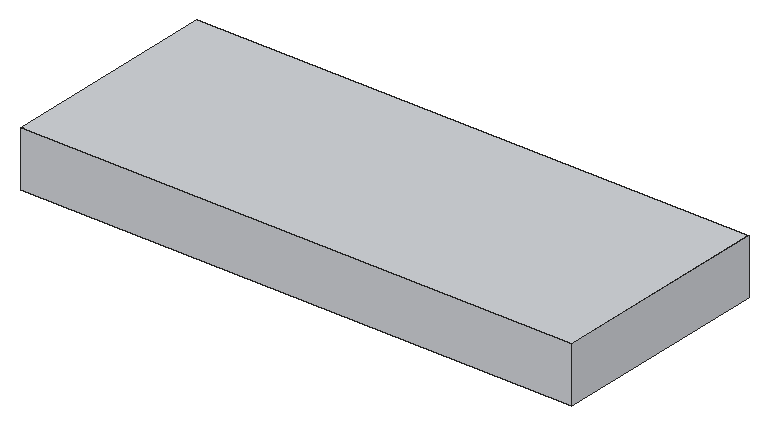
Revit family "電線管用ファミリ(片側のみ)_32", category Electrical Fixtures, Revit 2021
Family settings
  Maintain Annotation Orientation = No
  Round Connector Dimension = Use Diameter
  Part Type = Normal
  OmniClass Number = 23.80.00.00
  OmniClass Title = Electric Power and Lighting
  Work Plane-Based = No
  Always vertical = Yes
  Cut with Voids When Loaded = No
  Shared = No
  Room Calculation Point = No
Parameters
  コネクタ直径 [instance] = 16 mm
  W [instance] = 500 mm
  Default Elevation = 0 mm
  D [instance] = 200 mm
Reference planes
  plane 1 "Center (Front/Back)": y = 0
  plane 2: z = 0
  plane 3 "Center (Left/Right)": x = 0
  plane 4: x = -250
  plane 5: x = 250
  plane 6: y = 100
  plane 7: y = -100
  plane 8: z = 50
Forms (mm)
  Extrusion 1, solid
    sketch origin (0, 0, 0) x (1, 0, 0) y (0, 1, 0)
      loop
        line (-250, 100) -> (-250, -100) -> (250, -100) -> (250, 100) -> (-250, 100)
    from 0 to 50
  Extrusion 2, solid
    sketch origin (0, 0, 0) x (1, 0, 0) y (0, 1, 0)
      loop
        line (250, 100) -> (-250, -100) -> (250, -100) -> (250, 100)
    from 0 to 50
Dimensions and locks
  equal spacing: plane 4, plane 3 "Center (Left/Right)", plane 5
  "W": plane 4 to plane 5
  equal spacing: plane 6, plane 1 "Center (Front/Back)", plane 7
  "D": plane 6 to plane 7
  aligned and locked: level to plane 2
  aligned and locked: plane 8 to Extrusion 1
  aligned and locked: Extrusion 1 to plane 4
  aligned and locked: plane 6 to Extrusion 1
  aligned and locked: plane 5 to Extrusion 1
  aligned and locked: Extrusion 1 to plane 7
  aligned and locked: Extrusion 2 to plane 7
  aligned and locked: plane 5 to Extrusion 2
Automatic sketch dimensions
  Extrusion 1 sketch curve to plane 4 = 0 mm
  Extrusion 1 sketch curve to plane 5 = 0 mm
  Extrusion 1 sketch curve to plane 7 = 0 mm
  plane 6 to Extrusion 1 sketch curve = 0 mm
  Extrusion 2 sketch curve to plane 4 = 0 mm
  Extrusion 2 sketch curve to plane 5 = 0 mm
  Extrusion 2 sketch curve to plane 7 = 0 mm
  Extrusion 2 sketch curve to plane 6 = 0 mm
Connectors
  cabletrayconduit at (0, 0, 50), diameter 16
    settings: on Extrusion 1, index 1, connector width 300 mm, connector height 300 mm, connector angle 0.00°, system type 32, placement type 0, profile type 0, connector reference index -1, is primary connector yes, connector utility param no, connector description ""
